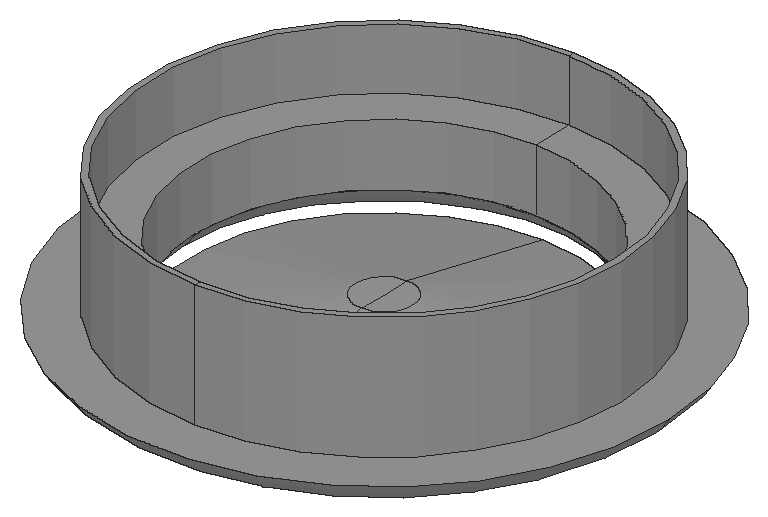
Revit family "Extract Valve", category Air Terminals, Revit 2018
Family settings
  Round Connector Dimension = Use Radius
  Part Type = Normal
  OmniClass Number = 23.75.00.00
  OmniClass Title = Climate Control (HVAC)
  Work Plane-Based = No
  Always vertical = No
  Cut with Voids When Loaded = No
  Shared = No
  Room Calculation Point = No
Parameters (values of type "VS150")
  wall_mounted [instance] = no
  steel = yes
  spigot_radius = Spigot Diameter / 2  # 75 mm
  q-filter = no
  plastic = no
  half_bezel_width = bezel_width / 2  # 15 mm
  convex_disc = yes
  connector_height = if(Q, 35.2 mm, 0 mm)  # 0 mm
  bezel_width = if(steel, 30 mm, 34 mm)  # 30 mm
  bezel_depth = if(steel, 9 mm, 20 mm)  # 9 mm
  bezel_OR = bezel_OD / 2  # 90 mm
  bezel_OD = if(Spigot Diameter = 100 mm, 150 mm, if(Spigot Diameter = 125 mm, 165 mm, 180 mm))  # 180 mm
  angle [instance] = if(wall_mounted, 0.00°, 270.00°)  # 270.00°
  Weight = 0.50 kg
  Unit Description = "Ø150mm White, steel extract air valve"
  Terminal Flow [instance] = 10.0 L/s
  Supplier Part No = Nuaire Model No  # "VS150"
  Spigot Diameter = 150 mm
  SS = no
  Room Volume [instance] = 0.00 m³
  Room Name [instance] = "Room"
  Revit Family Last Revised = "09/04/18"
  Quote Reference [instance] = ""
  Q = no
  Project Reference [instance] = ""
  Pressure Drop = 0.0 Pa
  Order Reference [instance] = ""
  Nuaire Model No = "VS150"
  Model = Nuaire Model No  # "VS150"
  Manufacturer = "Nuaire"
  Location Reference [instance] = ""
  Location [instance] = ""
  FD = no
  Description = Unit Description  # "Ø150mm White, steel extract air valve"
  Assembly Code = ""
Types (4, lengths in mm): name | steel | spigot_radius | q-filter | plastic | half_bezel_width | convex_disc | connector_height | bezel_width | bezel_depth | bezel_OR | bezel_OD | Weight | Unit Description | Supplier Part No | Spigot Diameter | Revit Family Last Revised | Q | Nuaire Model No | Model | Description
  VS150 | yes | 75 | no | no | 15 | yes | 0 | 30 | 9 | 90 | 180 | 0.50 kg | "Ø150mm White, steel extract air valve" | "VS150" | 150 | "09/04/18" | no | "VS150" | "VS150" | "Ø150mm White, steel extract air valve"
  Q-AIRE-EV125F | no | 62.5 | yes | no | 17 | no | 35.2 | 34 | 20 | 82.5 | 165 | 0.90 kg | "Ø125mm Q-Aire extract valve with filter" | "Q-AIRE-EV125F" | 125 | "13/09/17" | yes | "Q-AIRE-EV125F" | "Q-AIRE-EV125F" | "Ø125mm Q-Aire extract valve with filter"
  VS125-V | yes | 62.5 | no | no | 15 | yes | 0 | 30 | 9 | 82.5 | 165 | 0.30 kg | "Ø125mm White, steel extract air valve" | "VS125-V" | 125 | "13/09/17" | no | "VS125-V" | "VS125-V" | "Ø125mm White, steel extract air valve"
  V125 | no | 62.5 | no | yes | 17 | no | 0 | 34 | 20 | 82.5 | 165 | 0.20 kg | "Ø125mm Plastic extract air valve" | "V125" | 125 | "13/09/17" | no | "V125" | "V125" | "Ø125mm Plastic extract air valve"
Reference planes
  plane 1 "Centre (Front/Back)": y = 0
  plane 2: z = 0
  plane 3 "Centre (Left/Right)": x = 0
Forms (mm)
  Sweep 1, solid, not visible
    path in 3D
      loop
        line (0, 0, -55) -> (0, 0, 0)
    profile origin (0, 0, -27.5) x (0, -1, 0) y (1, 0, 0)
      loop
        circle (0, 0) r 20
Lines and regions (mm)
  model lines, not visible
    curve 1: line (0, 0, -55) -> (0, 0, 0)
  sketch lines
    curve 2: line (0, 0, -55) -> (0, 0, 0)
Dimensions and locks
  "angle": angle curve 1 to level
  aligned and locked: plane 3 "Centre (Left/Right)" to nested 1
Automatic sketch dimensions
  Sweep 1 sketch curve to profile plane = 0 mm  (x2)
  curve 1 to level = 0 mm
  curve 1 to plane 1 "Centre (Front/Back)" = 0 mm
  radius of Sweep 1 sketch curve = 20 mm
Nested families
  nested 1: "extract_valve_base" at (0, 0, 0), type "Air Valve"
    with Terminal Flow 10.0 L/s, Room Volume 0.00 m³, Room Name "Room", Quote Reference "", Project Reference "", Order Reference "", Location Reference "", Location "", spigot_radius 75 mm, q-filter no, plastic no, bezel_OR 90 mm, bezel_OD 180 mm, Spigot Diameter 150 mm, SS no
  nested 2: "connector_dummy" at (0, 0, 0), type "connector_dummy", not visible
    with height 0 mm
Connectors
  hvac at (0, 0, 0), driven by "spigot_radius", driven by "Terminal Flow"
    settings: on nested 2, index 1, duct flow 10.0 L/s, flow factor 0, pres drop 0.0 Pa, loss coef 0, conn angle 0.00°, conn width 304.8 mm, conn height 304.8 mm, conn diameter 150 mm, duct sys type 3, conn prof type 0, flow config 1, flow direction 2, loss method 4, conn ref index -1, conn util no, is conn primary yes, conn desc "Valve Connection"
Definition of nested family "extract_valve_base"
  Parameters
    steel = yes
    spigot_radius = Spigot Diameter / 2  # 62.5 mm
    q-filter = yes
    plastic = yes
    half_bezel_width = bezel_width / 2  # 15 mm
    convex_disc = yes
    bezel_width = if(steel, 30 mm, 34 mm)  # 30 mm
    bezel_depth = if(steel, 9 mm, 20 mm)  # 9 mm
    bezel_OR = bezel_OD / 2  # 82.5 mm
    bezel_OD = if(Spigot Diameter = 100 mm, 150 mm, if(Spigot Diameter = 125 mm, 165 mm, 180 mm))  # 165 mm
    Weight = 0.00 kg
    Unit Description = "DO NOT USE - Family Inserted Incorrectly"
    Terminal Flow [instance] = 10.0 L/s
    Supplier Part No = Nuaire Model No  # "DO NOT USE - Family Inserted Incorrectly"
    Spigot Diameter = 125 mm
    SS = yes
    Room Volume [instance] = 0.00 m³
    Room Name [instance] = "Room"
    Revit Family Last Revised = "13/09/17"
    Quote Reference [instance] = ""
    Q = no
    Project Reference [instance] = ""
    Pressure Drop = 0.0 Pa
    Order Reference [instance] = ""
    Nuaire Model No = "DO NOT USE - Family Inserted Incorrectly"
    Model = Nuaire Model No  # "DO NOT USE - Family Inserted Incorrectly"
    Manufacturer = "Nuaire"
    Location Reference [instance] = ""
    Location [instance] = ""
    FD = no
    Description = Unit Description  # "DO NOT USE - Family Inserted Incorrectly"
    Default Elevation = 1219.2 mm
    Assembly Code = ""
  Reference planes
    plane 1 "Centre (Front/Back)": y = 0
    plane 2: z = 0
    plane 3 "Centre (Left/Right)": x = 0
    plane 4: y = -62.5
    plane 5: y = 62.5
    plane 6: z = -9
    plane 7: y = -82.5
    plane 8: y = 82.5
    plane 9: y = 67.5
    plane 10: y = 52.5
    plane 11: z = 20
    plane 12: z = 39.583
    plane 13: y = 60.5
    plane 14: y = -52.5
    plane 15: y = 55
    plane 16: y = 48
    plane 17: y = 80
    plane 18 "Connector Height": z = 0
  Forms (mm)
    Sweep 1, solid, visible <- "plastic"
      path origin (0, 0, 0) x (1, 0, 0) y (0, 1, 0)
        loop
          circle (0, 0) r 82.5
      profile origin (0, 82.5, 0) x (0, -1, 0) y (0, 0, 1)
        loop
          line (0, 0) -> (12.085, -17.259)
          arc (12.085, -17.259) -> (17, -19.818) -> (21.915, -17.259) r 6
          line (21.915, -17.259) -> (34, 0) -> (0, 0)
    Sweep 2, solid, visible <- "steel"
      path origin (0, 0, 0) x (1, 0, 0) y (0, 1, 0)
        loop
          circle (0, 0) r 82.5
      profile origin (0, 82.5, 0) x (0, -1, 0) y (0, 0, 1)
        loop
          arc (0, 0) -> (15, -9) -> (30, 0) r 17
          line (30, 0) -> (0, 0)
    Revolve 3, solid, visible <- "steel"
      sketch origin (0, 0, 0) x (0, 1, 0) y (0, 0, 1)
        loop
          line (62.5, 0) -> (62.5, 39.583) -> (60.5, 39.583) -> (60.5, 20) -> (52.5, 20) -> (52.5, 0) -> (62.5, 0)
        axis (0, 39.583) -> (0, 0)
      angle from 0 to 360
    Revolve 4, solid, visible <- "convex_disc"
      sketch origin (0, 0, 0) x (0, 1, 0) y (0, 0, 1)
        loop
          line (9, 4) -> (0, 4) -> (0, 3) -> (9, 3) -> (55, -9) -> (55, -8) -> (9, 4)
        axis (0, 4) -> (0, -9)
      angle from 0 to 360
    Revolve 5, solid, visible <- "plastic"
      sketch origin (0, 0, 0) x (0, 1, 0) y (0, 0, 1)
        loop
          arc (0, -3.483) -> (-26.421, -4.987) -> (-52.5, -9.483) r 232.687
          line (-52.5, -9.483) -> (-52.5, -17.483)
          arc (-52.5, -17.483) -> (-26.326, -20.481) -> (0, -21.483) r 346.531
          line (0, -21.483) -> (0, -3.483)
        axis (0, -3.483) -> (0, -21.483)
      angle from 0 to 360
    Revolve 6, solid, visible <- "plastic"
      sketch origin (0, 0, 0) x (0, 1, 0) y (0, 0, 1)
        loop
          line (62.5, 0) -> (62.5, 39.583) -> (60.5, 39.583) -> (60.5, 20) -> (52.5, 20) -> (52.5, 0) -> (62.5, 0)
        axis (0, 39.583) -> (0, 0)
      angle from 0 to 360
    Blend 7, solid, visible <- "q-filter"
      base sketch origin (0, 0, 0) x (1, 0, 0) y (0, 1, 0)
        loop
          circle (0, 0) r 60
      top sketch origin (0, 0, 0) x (1, 0, 0) y (0, 1, 0)
        loop
          line (-30, 2.968) -> (-30, -2.968) -> (30, -2.968) -> (30, 2.968) -> (-30, 2.968)
      from 1.13 to 161.485
    Sweep 8, solid, visible <- "Q"
      path origin (0, 0, 0) x (1, 0, 0) y (0, 1, 0)
        loop
          circle (0, 0) r 60
      profile origin (0, 60, 0) x (0, -1, 0) y (0, 0, 1)
        loop
          line (-10.446, 0) -> (-29.879, 0)
          arc (-29.879, 0) -> (-28.815, -3.849) -> (-25.192, -5.527) r 4.751
          line (-25.192, -5.527) -> (0.107, -5.527) -> (1.392, 68.098) -> (-1.758, 68.098) -> (-2.332, 35.177) -> (-9.832, 35.177) -> (-10.446, 0)
    Sweep 9, solid, visible <- "SS"
      path origin (0, 0, 0) x (1, 0, 0) y (0, 1, 0)
        loop
          circle (0, 0) r 82.5
      profile origin (0, 82.5, 0) x (0, -1, 0) y (0, 0, 1)
        loop
          arc (0, 0) -> (15, -9) -> (30, 0) r 17
          line (30, 0) -> (0, 0)
  Dimensions and locks
    equal spacing: plane 5, plane 1 "Centre (Front/Back)", plane 4
    "Spigot Diameter": plane 5 to plane 4
    equal spacing: plane 10, plane 9, plane 8
    "bezel_width": plane 8 to plane 10
    "bezel_depth": level to plane 6
    "bezel_OD": plane 8 to plane 7
    equal spacing: plane 8, plane 1 "Centre (Front/Back)", plane 7
    locked: plane 11 to level at 20
    locked: plane 5 to plane 13 at 2
    "bezel_width": plane 14 to plane 7
    locked: plane 15 to plane 10 at 2.5
    plane 18 "Connector Height" to level = 0 mm
    locked: Revolve 5 sketch curve to Revolve 5 sketch curve at 18
    "bezel_OR": radius of Sweep 1 sketch curve
    "bezel_OR": radius of Sweep 2 sketch curve
    "bezel_OR": radius of Sweep 9 sketch curve
    aligned and locked: Sweep 1 sketch curve to level
    aligned and locked: level to Revolve 3 sketch curve
    aligned and locked: Revolve 3 sketch curve to plane 5
    aligned and locked: plane 12 to Revolve 3 sketch curve
    aligned and locked: Revolve 3 sketch curve to plane 13
    aligned and locked: plane 11 to Revolve 3 sketch curve
    aligned and locked: Revolve 3 sketch curve to plane 10
    aligned and locked: Revolve 4 sketch curve to plane 15
  Automatic sketch dimensions
    Sweep 1 sketch curve to profile plane = 0 mm
    Sweep 1 sketch curve to level = 17.259 mm
    Sweep 1 sketch curve to profile plane = 12.085 mm
    Sweep 1 sketch curve to Sweep 1 sketch curve = 9.83 mm
    Sweep 1 sketch curve to Sweep 1 sketch curve = 12.085 mm
    Sweep 1 sketch curve to Sweep 1 sketch curve = 4.915 mm
    Sweep 1 sketch curve to Sweep 1 sketch curve = 3.441 mm
    Sweep 2 sketch curve to level = 0 mm
    Sweep 2 sketch curve to profile plane = 0 mm
    Sweep 2 sketch curve to Sweep 2 sketch curve = 30 mm
    level to Sweep 2 sketch curve = 8 mm
    Revolve 3 sketch curve to plane 1 "Centre (Front/Back)" = 0 mm
    level to Revolve 3 sketch curve = 10 mm
    plane 12 to Revolve 3 sketch curve = 9.583 mm
    Revolve 4 sketch curve to plane 1 "Centre (Front/Back)" = 0 mm  (x2)
    Revolve 4 sketch curve to plane 6 = 0 mm
    level to Revolve 4 sketch curve = 4 mm
    Revolve 4 sketch curve to plane 1 "Centre (Front/Back)" = 9 mm
    Revolve 4 sketch curve to Revolve 4 sketch curve = 0 mm
    Revolve 4 sketch curve to Revolve 4 sketch curve = 1 mm  (x2)
    Revolve 4 sketch curve to Revolve 4 sketch curve = 2.805 mm
    Revolve 5 sketch curve to plane 14 = 0 mm
    Revolve 5 sketch curve to plane 1 "Centre (Front/Back)" = 0 mm  (x2)
    Revolve 5 sketch curve to Revolve 5 sketch curve = 6.022 mm
    Revolve 5 sketch curve to level = 0.585 mm
    Revolve 6 sketch curve to level = 0 mm
    Revolve 6 sketch curve to plane 10 = 0 mm
    plane 12 to Revolve 6 sketch curve = 0 mm
    Revolve 6 sketch curve to plane 13 = 0 mm
    Revolve 6 sketch curve to plane 5 = 0 mm
    Revolve 6 sketch curve to plane 11 = 0 mm
    Revolve 6 sketch curve to plane 1 "Centre (Front/Back)" = 0 mm
    level to Revolve 6 sketch curve = 10 mm
    plane 12 to Revolve 6 sketch curve = 9.583 mm
    plane 1 "Centre (Front/Back)" to Blend 7 sketch curve = 0 mm
    Blend 7 sketch curve to plane 3 "Centre (Left/Right)" = 0 mm
    plane 1 "Centre (Front/Back)" to Blend 7 sketch curve = 2.968 mm
    Blend 7 sketch curve to plane 3 "Centre (Left/Right)" = 30 mm
    Blend 7 sketch curve to plane 1 "Centre (Front/Back)" = 2.968 mm
    plane 3 "Centre (Left/Right)" to Blend 7 sketch curve = 30 mm
    plane 1 "Centre (Front/Back)" to Sweep 8 sketch curve = 0 mm
    Sweep 8 sketch curve to plane 3 "Centre (Left/Right)" = 0 mm
    Sweep 8 sketch curve to level = 0 mm
    profile plane to Sweep 8 sketch curve = 29.879 mm
    Sweep 8 sketch curve to level = 5.527 mm
    Sweep 8 sketch curve to Sweep 8 sketch curve = 4.688 mm
    profile plane to Sweep 8 sketch curve = 10.446 mm
    profile plane to Sweep 8 sketch curve = 9.832 mm
    profile plane to Sweep 8 sketch curve = 2.332 mm
    profile plane to Sweep 8 sketch curve = 1.758 mm
    Sweep 8 sketch curve to profile plane = 0.107 mm
    Sweep 8 sketch curve to profile plane = 1.392 mm
    level to Sweep 8 sketch curve = 35.177 mm
    Sweep 8 sketch curve to Sweep 8 sketch curve = 32.921 mm
    Sweep 9 sketch curve to level = 0 mm
    Sweep 9 sketch curve to profile plane = 0 mm
    Sweep 9 sketch curve to Sweep 9 sketch curve = 30 mm
    level to Sweep 9 sketch curve = 8 mm
    Revolve 4 sketch curve to plane 6 = 4.195 mm
    Revolve 5 sketch curve to level = 17.483 mm
    Revolve 5 sketch curve to Revolve 5 sketch curve = 8 mm
    Revolve 5 sketch curve to Revolve 5 sketch curve = 2.898 mm
    plane 1 "Centre (Front/Back)" to Sweep 1 sketch curve = 0 mm
    Sweep 1 sketch curve to plane 3 "Centre (Left/Right)" = 0 mm
    plane 1 "Centre (Front/Back)" to Sweep 2 sketch curve = 0 mm
    Sweep 2 sketch curve to plane 3 "Centre (Left/Right)" = 0 mm
    plane 1 "Centre (Front/Back)" to Sweep 9 sketch curve = 0 mm
    Sweep 9 sketch curve to plane 3 "Centre (Left/Right)" = 0 mm
    radius of Blend 7 sketch curve = 60 mm
    radius of Sweep 8 sketch curve = 60 mm
  Nested families
    nested 1: "Arrows Ext" at (0, 0, 0), type "Arrows Ext"
    nested 2: "valve_caps" at (0, 0, 0), type "Air Valve"
      with Location Reference "", steel yes
  Definition of nested family "valve_caps"
    Parameters
      steel = no
      q-filter = yes
      plastic = yes
      convex_disc = yes
      SS = yes
      Q = no
      Model = ""
      Manufacturer = "Nuaire"
      Location Reference [instance] = ""
      FD = no
      Description = ""
      Assembly Code = ""
    Reference planes
      plane 1 "Centre (Front/Back)": y = 0
      plane 2: z = 0
      plane 3 "Centre (Left/Right)": x = 0
      plane 4 "Connector Height": z = 0
      plane 5: z = 0
    Forms (mm)
      Revolve 1, solid, visible <- "FD"
        sketch origin (0, 0, -1.817) x (0, 1, 0) y (0, 0, 1)
          loop
            arc (0, -15.809) -> (30.286, -15.066) -> (60.5, -12.838) r 617.495
            line (60.5, -12.838) -> (52.813, -2.809) -> (0, -2.809) -> (0, -15.809)
          axis (0, -2.809) -> (0, -15.809)
        angle from 0 to 360
      Revolve 2, solid, visible <- "Q"
        sketch origin (0, 0, -8.881) x (0, 1, 0) y (0, 0, 1)
          loop
            arc (84.973, -12.814) -> (86.666, -9.901) -> (84.087, -7.733) r 2.618
            line (84.087, -7.733) -> (0, -7.733) -> (0, -19.329)
            arc (0, -19.329) -> (42.603, -17.588) -> (84.973, -12.814) r 597.678
          axis (0, -19.329) -> (0, -7.733)
        angle from 0 to 360
      Revolve 3, solid, not visible
        sketch origin (0, 0, 0) x (0, 1, 0) y (0, 0, 1)
          loop
            line (45.995, -8.53) -> (4.5, 61.679) -> (0, 64.973) -> (0, -17) -> (59.764, -14.794)
            arc (59.764, -14.794) -> (60.917, -13.784) -> (60.188, -12.435) r 1.229
            line (60.188, -12.435) -> (45.995, -8.53)
          axis (0, 64.973) -> (0, -17)
        angle from 0 to 360
      Revolve 4, solid, visible <- "SS"
        sketch origin (0, 0, -3.518) x (0, 1, 0) y (0, 0, 1)
          loop
            line (-45.732, -8.927) -> (-58.517, -8.927) -> (0, -18.195) -> (0, -16.17) -> (-45.732, -8.927)
          axis (0, -8.927) -> (0, -18.195)
        angle from 0 to 360
  Definition of nested family "Arrows Ext"
    Parameters
      Assembly Code = ""
    Reference planes
      plane 1 "Centre (Front/Back)": y = 0
      plane 2: z = 0
      plane 3 "Centre (Left/Right)": x = 0
    Lines and regions (mm)
      model lines
        curve 1: line (-110, -0.013, 0) -> (-161.403, -15.234, 0)
        curve 2: line (-161.403, -15.234, 0) -> (-161.403, -5.829, 0)
        curve 3: line (-161.403, -5.829, 0) -> (-260.153, -5.829, 0)
        curve 4: line (-260.153, -5.829, 0) -> (-260.153, -0.013, 0)
        curve 5: line (-110, -0.013, 0) -> (-161.403, 15.221, 0)
        curve 6: line (-161.403, 15.221, 0) -> (-161.403, 5.804, 0)
        curve 7: line (-161.403, 5.804, 0) -> (-260.153, 5.804, 0)
        curve 8: line (-260.153, 5.804, 0) -> (-260.153, -0.013, 0)
        curve 9: line (-0.013, 110, 0) -> (-15.234, 161.403, 0)
        curve 10: line (-15.234, 161.403, 0) -> (-5.829, 161.403, 0)
        curve 11: line (-5.829, 161.403, 0) -> (-5.829, 260.153, 0)
        curve 12: line (-5.829, 260.153, 0) -> (-0.013, 260.153, 0)
        curve 13: line (-0.013, 110, 0) -> (15.221, 161.403, 0)
        curve 14: line (15.221, 161.403, 0) -> (5.804, 161.403, 0)
        curve 15: line (5.804, 161.403, 0) -> (5.804, 260.153, 0)
        curve 16: line (5.804, 260.153, 0) -> (-0.013, 260.153, 0)
        curve 17: line (0.013, -110, 0) -> (15.234, -161.403, 0)
        curve 18: line (15.234, -161.403, 0) -> (5.829, -161.403, 0)
        curve 19: line (5.829, -161.403, 0) -> (5.829, -260.153, 0)
        curve 20: line (5.829, -260.153, 0) -> (0.013, -260.153, 0)
        curve 21: line (0.013, -110, 0) -> (-15.221, -161.403, 0)
        curve 22: line (-15.221, -161.403, 0) -> (-5.804, -161.403, 0)
        curve 23: line (-5.804, -161.403, 0) -> (-5.804, -260.153, 0)
        curve 24: line (-5.804, -260.153, 0) -> (0.013, -260.153, 0)
        curve 25: line (110, 0.013, 0) -> (161.403, 15.234, 0)
        curve 26: line (161.403, 15.234, 0) -> (161.403, 5.829, 0)
        curve 27: line (161.403, 5.829, 0) -> (260.153, 5.829, 0)
        curve 28: line (260.153, 5.829, 0) -> (260.153, 0.013, 0)
        curve 29: line (110, 0.013, 0) -> (161.403, -15.221, 0)
        curve 30: line (161.403, -15.221, 0) -> (161.403, -5.804, 0)
        curve 31: line (161.403, -5.804, 0) -> (260.153, -5.804, 0)
        curve 32: line (260.153, -5.804, 0) -> (260.153, 0.013, 0)
Definition of nested family "connector_dummy"
  Parameters
    height = 206.979 mm
    Default Elevation = 1219.2 mm
  Reference planes
    plane 1 "Center (Front/Back)": y = 0
    plane 2: z = 0
    plane 3 "Center (Left/Right)": x = 0
    plane 4: z = -48.021
    plane 5: z = 206.979
  Forms (mm)
    Extrusion 1, solid
      sketch origin (0, 0, 0) x (1, 0, 0) y (0, 1, 0)
        loop
          line (-1219.2, 1219.2) -> (-1219.2, -1219.2) -> (1219.2, -1219.2) -> (1219.2, 1219.2) -> (-1219.2, 1219.2)
      from 0 to -304.8
    Extrusion 2, solid
      sketch origin (0, 0, 0) x (1, 0, 0) y (0, 1, 0)
        loop
          line (-30, 30) -> (-30, -30) -> (30, -30) -> (30, 30) -> (-30, 30)
      from -48.021 to 206.979
  Dimensions and locks
    locked: Extrusion 1 to plane 4 at 48.021
    "height": plane 5 to plane 2
    aligned and locked: plane 2 to Extrusion 1
    aligned and locked: level to Extrusion 1
    aligned and locked: Extrusion 2 to plane 4
    aligned and locked: plane 5 to Extrusion 2
  Automatic sketch dimensions
    Extrusion 1 sketch curve to Extrusion 1 sketch curve = 2438.4 mm  (x2)
    Extrusion 2 sketch curve to plane 3 "Center (Left/Right)" = 30 mm
    plane 1 "Center (Front/Back)" to Extrusion 2 sketch curve = 30 mm
    plane 3 "Center (Left/Right)" to Extrusion 2 sketch curve = 30 mm
    Extrusion 2 sketch curve to plane 1 "Center (Front/Back)" = 30 mm
